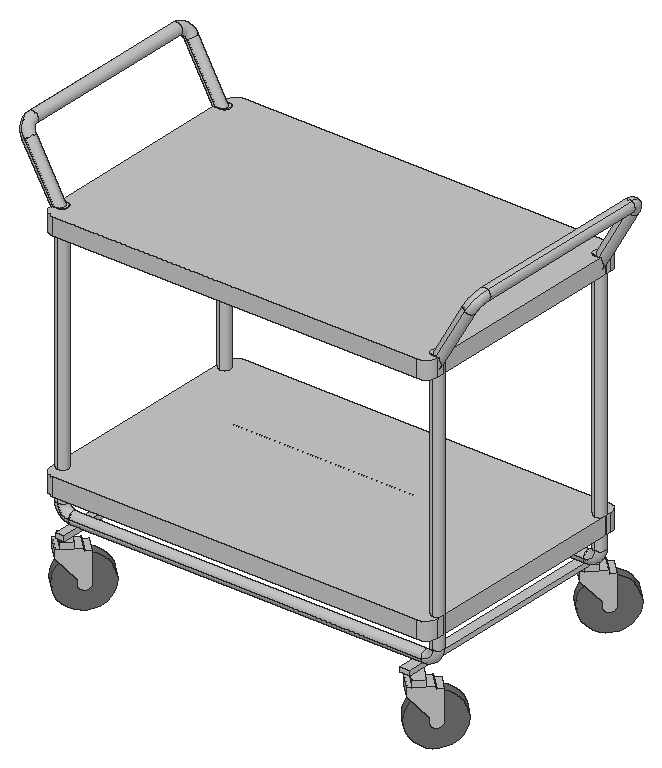
Revit family "QF_Vollrath_97161", category Specialty Equipment, Revit 2016
Family settings
  Part Type = Normal
  Round Connector Dimension = Use Diameter
  OmniClass Number = 23.40.40.14.17
  OmniClass Title = Food Cooking Equipment
  Work Plane-Based = No
  Always vertical = Yes
  Cut with Voids When Loaded = No
  Shared = No
  Room Calculation Point = No
Parameters (values of type "97161")
  Width [instance] = 21.00"
  Weight in Pounds = 47
  Watermarked By = "http://revitwatermark.com"
  URL Cutsheet = ""
  URL = ""
  Status [instance] = ""
  Specification by User [instance] = ""
  Specification by Manufacturer [instance] = ""
  Serial Number [instance] = ""
  Seismic Rating [instance] = ""
  Revision Code [instance] = ""
  NAFEM Spec ID Number [instance] = ""
  Model = "97161"
  Masterspec = ""
  Manufacturer = "Vollrath"
  Item Number [instance] = "-"
  Installed By [instance] = ""
  Identify Quantity as Lot [instance] = no
  Furnished By [instance] = ""
  Foodservice Equipment Identifier [instance] = yes
  Description = "Cart, Utility"
  Depth [instance] = 40.50"
  CSI MasterFormat = "11 48 13"
  Assembly Code = "E1090320"
Reference planes (in)
  plane 1: z = 0
  plane 2 "LEFT": x = 0
  plane 3 "RIGHT": x = 40.5
  plane 4 "FRONT": y = -24.62
  plane 5 "BACK": y = -3.62
  plane 6 "TOP": z = 36.5
  plane 7: x = 3.8
  plane 8: x = 36.7
  plane 9: z = 5.6
  plane 10: z = 6
  plane 11: z = 8.7
  plane 12: z = 10.2
  plane 13: z = 29.2
  plane 14: z = 30.7
  plane 15: y = -14.12
  plane 16: y = -23.02
  plane 17: y = -5.22
  plane 18: x = 20.25
Forms (in)
  Sweep 1, solid, material "QF_Finishes_Stainless Steel"
    path origin (16.16378, -0.04782, 1.26776) x (0, 1, 0) y (0.493545, 0, -0.86972)
      loop
        line (-22.97218, -30.7) -> (-22.97218, -36.95172)
        arc (-22.97218, -36.95172) -> (-22.67928, -37.65883) -> (-21.97218, -37.95172) r 1
        line (-21.97218, -37.95172) -> (-6.17218, -37.95172)
        arc (-6.17218, -37.95172) -> (-5.46507, -37.65883) -> (-5.17218, -36.95172) r 1
        line (-5.17218, -36.95172) -> (-5.17218, -30.7)
    profile origin (-0.53081, -23.02, 30.6868) x (0, 1, 0) y (-0.86972, 0, -0.493545)
      loop
        circle (0, -3.5) r 0.5
  Extrusion 2, solid, material "QF_Finishes_Stainless Steel"
    sketch origin (1.26549, 0, 16.75) x (-1, 0, 0) y (0, -1, 0)
      loop
        line (-3.40691, 3.85981) -> (-3.40691, 24.75491) -> (-4.1621, 24.75491) -> (-4.1621, 3.85981) -> (-3.40691, 3.85981)
      loop
        line (-33.51979, 3.85981) -> (-33.51979, 24.62) -> (-34.36107, 24.62) -> (-34.36107, 3.85981) -> (-33.51979, 3.85981)
    from -11.15 to -10.75
  Sweep 3, solid, material "QF_Finishes_Stainless Steel"
    path origin (0.07416, -4.72, 0) x (1, 0, 0) y (0, 0, -1)
      loop
        line (3.8, -30.7) -> (3.8, -7.51983)
        arc (3.8, -7.51983) -> (4.09289, -6.81273) -> (4.8, -6.51983) r 1
        line (4.8, -6.51983) -> (35.7, -6.51983)
        arc (35.7, -6.51983) -> (36.40711, -6.81273) -> (36.7, -7.51983) r 1
        line (36.7, -7.51983) -> (36.7, -30.7)
    profile origin (3.87416, -4.72, 19.10992) x (0, 1, 0) y (-1, 0, 0)
      loop
        circle (-0.5, 0) r 0.5
  Extrusion 4, solid, material "QF_Finishes_Stainless Steel"
    sketch origin (0, 0, 16.75) x (-1, 0, 0) y (0, -1, 0)
      loop
        arc (-4.35971, 3.62) -> (-3.6526, 3.91289) -> (-3.35971, 4.62) r 1
        line (-3.35971, 4.62) -> (-3.35971, 23.62)
        arc (-3.35971, 23.62) -> (-3.6526, 24.32711) -> (-4.35971, 24.62) r 1
        line (-4.35971, 24.62) -> (-36.2901, 24.62)
        arc (-36.2901, 24.62) -> (-36.99721, 24.32711) -> (-37.2901, 23.62) r 1
        line (-37.2901, 23.62) -> (-37.2901, 4.62)
        arc (-37.2901, 4.62) -> (-36.99721, 3.91289) -> (-36.2901, 3.62) r 1
        line (-36.2901, 3.62) -> (-4.35971, 3.62)
    from -8.05 to -6.55
  Extrusion 5, solid, material "QF_Finishes_Stainless Steel"
    sketch origin (0, 0, 37.25) x (-1, 0, 0) y (0, -1, 0)
      loop
        arc (-4.35971, 3.62) -> (-3.6526, 3.91289) -> (-3.35971, 4.62) r 1
        line (-3.35971, 4.62) -> (-3.35971, 23.62)
        arc (-3.35971, 23.62) -> (-3.6526, 24.32711) -> (-4.35971, 24.62) r 1
        line (-4.35971, 24.62) -> (-36.2901, 24.62)
        arc (-36.2901, 24.62) -> (-36.99721, 24.32711) -> (-37.2901, 23.62) r 1
        line (-37.2901, 23.62) -> (-37.2901, 4.62)
        arc (-37.2901, 4.62) -> (-36.99721, 3.91289) -> (-36.2901, 3.62) r 1
        line (-36.2901, 3.62) -> (-4.35971, 3.62)
    from -8.05 to -6.55
  Sweep 6, solid, material "QF_Finishes_Stainless Steel"
    path origin (0.07416, -23.52, 0) x (1, 0, 0) y (0, 0, 1)
      loop
        line (3.8, 30.7) -> (3.8, 7.51983)
        arc (3.8, 7.51983) -> (4.09289, 6.81273) -> (4.8, 6.51983) r 1
        line (4.8, 6.51983) -> (35.7, 6.51983)
        arc (35.7, 6.51983) -> (36.40711, 6.81273) -> (36.7, 7.51983) r 1
        line (36.7, 7.51983) -> (36.7, 30.7)
    profile origin (3.87416, -23.52, 19.10992) x (0, -1, 0) y (1, 0, 0)
      loop
        circle (-0.5, 0) r 0.5
  Sweep 7, solid, material "QF_Finishes_Stainless Steel"
    path origin (24.44593, -0.04782, 1.26776) x (0, 1, 0) y (0.493545, 0, 0.86972)
      loop
        line (-22.97218, 30.7) -> (-22.97218, 36.95172)
        arc (-22.97218, 36.95172) -> (-22.67928, 37.65883) -> (-21.97218, 37.95172) r 1
        line (-21.97218, 37.95172) -> (-6.17218, 37.95172)
        arc (-6.17218, 37.95172) -> (-5.46507, 37.65883) -> (-5.17218, 36.95172) r 1
        line (-5.17218, 36.95172) -> (-5.17218, 30.7)
    profile origin (41.14052, -23.02, 30.6868) x (0, -1, 0) y (0.86972, 0, -0.493545)
      loop
        circle (0, -3.5) r 0.5
Lines and regions (in)
  symbolic lines
    curve 1: line (36.7, -4.62, 16.75) -> (3.8, -4.62, 16.75)
    curve 2: line (37.2901, -22.53132, 16.75) -> (37.2901, -4.62, 16.75)
    curve 3: line (3.35971, -5.62, 16.75) -> (3.35971, -22.53132, 16.75)
    curve 4: arc (3.8, -5.62, 16.75) -> (4.3, -5.12, 16.75) -> (3.8, -4.62, 16.75) r 0.5
    curve 5: line (36.7, -4.62, 16.75) -> (37.2901, -4.62, 16.75)
    curve 6: line (39.09504, -23.68548, 16.75) -> (1.40496, -23.68548, 16.75)
    curve 7: arc (1.40496, -23.68548, 16.75) -> (0.34319, -23.20633, 16.75) -> (0, -22.09315, 16.75) r 1.41598
    curve 8: line (0, -22.09315, 16.75) -> (0, -6.22, 16.75)
    curve 9: arc (0, -6.22, 16.75) -> (0.24752, -5.29624, 16.75) -> (0.92376, -4.62, 16.75) r 1.84752
    curve 10: line (0.92376, -4.62, 16.75) -> (3.8, -4.62, 16.75)
    curve 11: line (3.8, -5.62, 16.75) -> (3.35971, -5.62, 16.75)
    curve 12: line (3.35971, -5.62, 16.75) -> (1.10971, -5.62, 16.75)
    curve 13: line (1.10971, -5.62, 16.75) -> (1.10971, -22.53132, 16.75)
    curve 14: line (1.10971, -22.53132, 16.75) -> (3.87613, -22.53132, 16.75)
    curve 15: arc (3.87613, -23.68548, 16.75) -> (4.45321, -23.1084, 16.75) -> (3.87613, -22.53132, 16.75) r 0.57708
    curve 16: line (37.14029, -5.62, 16.75) -> (37.14029, -22.53132, 16.75)
    curve 17: arc (36.7, -5.62, 16.75) -> (36.2, -5.12, 16.75) -> (36.7, -4.62, 16.75) r 0.5
    curve 18: arc (39.09504, -23.68548, 16.75) -> (40.15681, -23.20633, 16.75) -> (40.5, -22.09315, 16.75) r 1.41598
    curve 19: line (40.5, -22.09315, 16.75) -> (40.5, -6.22, 16.75)
    curve 20: arc (40.5, -6.22, 16.75) -> (40.25248, -5.29624, 16.75) -> (39.57624, -4.62, 16.75) r 1.84752
    curve 21: line (39.57624, -4.62, 16.75) -> (36.7, -4.62, 16.75)
    curve 22: line (36.7, -5.62, 16.75) -> (37.14029, -5.62, 16.75)
    curve 23: line (37.14029, -5.62, 16.75) -> (39.39029, -5.62, 16.75)
    curve 24: line (39.39029, -5.62, 16.75) -> (39.39029, -22.53132, 16.75)
    curve 25: line (39.39029, -22.53132, 16.75) -> (36.62387, -22.53132, 16.75)
    curve 26: arc (36.62387, -23.68548, 16.75) -> (36.04679, -23.1084, 16.75) -> (36.62387, -22.53132, 16.75) r 0.57708
    curve 27: arc (4.35971, -3.62, 16.75) -> (3.6526, -3.91289, 16.75) -> (3.35971, -4.62, 16.75) r 1
    curve 28: line (36.2901, -3.62, 16.75) -> (4.35971, -3.62, 16.75)
    curve 29: arc (37.2901, -4.62, 16.75) -> (36.99721, -3.91289, 16.75) -> (36.2901, -3.62, 16.75) r 1
    curve 30: arc (36.2901, -24.62, 16.75) -> (36.99721, -24.32711, 16.75) -> (37.2901, -23.62, 16.75) r 1
    curve 31: line (4.35971, -24.62, 16.75) -> (36.2901, -24.62, 16.75)
    curve 32: arc (3.35971, -23.62, 16.75) -> (3.6526, -24.32711, 16.75) -> (4.35971, -24.62, 16.75) r 1
Dimensions and locks (in)
  "Depth": plane 2 "LEFT" to plane 3 "RIGHT"
  plane 3 "RIGHT" to plane 2 "LEFT" = 40.50"
  "Width": plane 5 "BACK" to plane 4 "FRONT"
  locked: plane 8 to plane 3 "RIGHT" at 3.8
  plane 4 "FRONT" to plane 15 = 10.50"
  equal spacing: plane 4 "FRONT", plane 15, plane 5 "BACK"
  plane 9 to level = 5.60"
  plane 10 to plane 9 = 0.40"
  plane 11 to plane 10 = 2.70"
  plane 12 to plane 11 = 1.50"
  plane 13 to plane 12 = 19.00"
  plane 14 to plane 13 = 1.50"
  plane 6 "TOP" to plane 14 = 5.80"
  locked: plane 2 "LEFT" to plane 7 at 3.8
  plane 5 "BACK" to plane 17 = 1.60"
  locked: plane 4 "FRONT" to plane 16 at 1.6
  equal spacing: plane 2 "LEFT", plane 18, plane 3 "RIGHT"
  plane 6 "TOP" to level = 36.50"
  aligned and locked: level to plane 1
Automatic sketch dimensions
  Sweep 1 sketch curve to plane 16 = 0.00"
  plane 17 to Sweep 1 sketch curve = 0.00"
  Sweep 1 sketch curve to plane 16 = 1.00"
  Sweep 1 sketch curve to plane 17 = 1.00"
  Sweep 1 sketch curve to Sweep 1 sketch curve = 6.25172"  (x2)
  profile plane to Sweep 1 sketch curve = 0.00"
  Sweep 1 sketch curve to profile plane = 3.50"
  Extrusion 2 sketch curve to plane 8 = 1.07343"
  Extrusion 2 sketch curve to Extrusion 2 sketch curve = 0.84128"
  plane 17 to Extrusion 2 sketch curve = 1.36019"  (x2)
  plane 7 to Extrusion 2 sketch curve = 1.6276"
  Extrusion 2 sketch curve to Extrusion 2 sketch curve = 0.7552"
  plane 16 to Extrusion 2 sketch curve = 1.73491"
  plane 16 to Extrusion 2 sketch curve = 1.60"
  Sweep 3 sketch curve to plane 14 = 0.00"  (x2)
  plane 7 to Sweep 3 sketch curve = 0.07416"
  plane 10 to Sweep 3 sketch curve = 0.51983"
  plane 7 to Sweep 3 sketch curve = 1.07416"
  Sweep 3 sketch curve to plane 8 = 0.92584"
  plane 8 to Sweep 3 sketch curve = 0.07416"
  Sweep 3 sketch curve to profile plane = 0.00"
  Sweep 3 sketch curve to profile plane = 0.50"
  Extrusion 4 sketch curve to plane 5 "BACK" = 0.00"
  plane 4 "FRONT" to Extrusion 4 sketch curve = 0.00"
  plane 8 to Extrusion 4 sketch curve = 0.5901"
  Extrusion 4 sketch curve to plane 8 = 0.4099"  (x2)
  plane 7 to Extrusion 4 sketch curve = 0.55971"  (x2)
  Extrusion 4 sketch curve to plane 7 = 0.44029"
  Extrusion 5 sketch curve to plane 5 "BACK" = 0.00"
  plane 4 "FRONT" to Extrusion 5 sketch curve = 0.00"
  plane 8 to Extrusion 5 sketch curve = 0.5901"
  Extrusion 5 sketch curve to plane 8 = 0.4099"  (x2)
  plane 7 to Extrusion 5 sketch curve = 0.55971"  (x2)
  Extrusion 5 sketch curve to plane 7 = 0.44029"
  Sweep 6 sketch curve to plane 14 = 0.00"  (x2)
  plane 7 to Sweep 6 sketch curve = 0.07416"
  plane 10 to Sweep 6 sketch curve = 0.51983"
  plane 7 to Sweep 6 sketch curve = 1.07416"
  Sweep 6 sketch curve to plane 8 = 0.92584"
  plane 8 to Sweep 6 sketch curve = 0.07416"
  Sweep 6 sketch curve to profile plane = 0.00"
  Sweep 6 sketch curve to profile plane = 0.50"
  Sweep 7 sketch curve to plane 16 = 0.00"
  plane 17 to Sweep 7 sketch curve = 0.00"
  Sweep 7 sketch curve to plane 16 = 1.00"
  Sweep 7 sketch curve to plane 17 = 1.00"
  Sweep 7 sketch curve to Sweep 7 sketch curve = 0.00"
  Sweep 7 sketch curve to Sweep 7 sketch curve = 6.25172"
  Sweep 7 sketch curve to profile plane = 0.00"
  Sweep 7 sketch curve to profile plane = 3.50"
  curve 19 to plane 3 "RIGHT" = 0.00"
  curve 5 to plane 8 = 0.00"
  curve 28 to plane 5 "BACK" = 0.00"
  plane 4 "FRONT" to curve 31 = 0.00"
  curve 4 to plane 7 = 0.00"
  curve 9 to plane 2 "LEFT" = 0.00"
  curve 20 to plane 3 "RIGHT" = 0.92376"
  curve 24 to plane 17 = 0.40"
  curve 20 to curve 24 = 0.18594"
  curve 24 to curve 18 = 0.29525"
  curve 23 to curve 20 = 0.73782"
  plane 8 to curve 2 = 0.5901"
  plane 8 to curve 30 = 0.5901"
  curve 2 to curve 16 = 0.14981"
  curve 26 to plane 8 = 0.07613"
  curve 28 to plane 8 = 0.4099"
  curve 31 to plane 8 = 0.4099"
  plane 7 to curve 31 = 0.55971"
  plane 7 to curve 28 = 0.55971"
  plane 7 to curve 15 = 0.07613"
  curve 14 to curve 15 = 0.00"
  curve 32 to plane 7 = 0.44029"
  curve 3 to plane 7 = 0.44029"
  curve 9 to plane 17 = 1.00"
  curve 3 to curve 9 = 1.51218"
  plane 16 to curve 6 = 0.66548"
  plane 2 "LEFT" to curve 6 = 1.40496"
  curve 7 to curve 14 = 0.29525"
  plane 17 to curve 4 = 0.10"
  curve 7 to plane 16 = 0.92685"
  curve 18 to plane 16 = 0.7505"
  curve 7 to curve 14 = 0.26182"
  curve 16 to plane 16 = 0.48868"
  radius of Sweep 1 sketch curve = 0.50"
  radius of Sweep 3 sketch curve = 0.50"
  radius of Sweep 6 sketch curve = 0.50"
  radius of Sweep 7 sketch curve = 0.50"
Nested families (in)
  nested 1: "FESCaster" at (5.05, -4.12, 0), type "FESCaster"
    with Height 5.60", Caster Radius 2.30"
  nested 2: "FESCaster" at (5.05, -24.145, 0), type "FESCaster"
    with Height 5.60", Caster Radius 2.30"
  nested 3: "FESCaster" at (35.95, -24.145, 0), type "FESCaster"
    with Height 5.60", Caster Radius 2.30"
  nested 4: "FESCaster" at (35.075, -4.12, 0), type "FESCaster"
    with Height 5.60", Caster Radius 2.30"
Definition of nested family "FESCaster"
  Parameters
    Watermarked By = "http://revitwatermark.com"
    Type Comments = "⍁⍉⌁⌀⏭⎽⌇⍠⌜⍉⎖⌥⌦⌯⍭⏊⍻⍿⍊⏵⍊⏗⏠⍴⎡⌈⎀⍠⌓⌤⏘⎐⍀⌐⏬⏁⎈⏍⏦⎒⏬⌝⍩⍇⌣〈⎫〉⎁⏊⍥⍖⍥⍝⍦⌖⍀⏌⏭⎝⎼⏷⏞⍻⏯⎽⏷⏞⍻⏯⎽⏷⎺⌻⎝⍎⌧⏷⏟⏿⌿⍜⍦⍤⌁⍬⏶⏎⍊⏚⏉⎞⌡⎀⎪⏈⌟⌿⍾⍼⌟⌿⌢⌞⏞⏝⌻⎸⎻⎷⎳⎻⎛⌞⌼⏚⍿⏸⍨⏷⍡⍺⏼⏅⎏⌽⌻⍽⎝⍮⎧⍏⏳⏲⎼⏈⏋⏙⎏⏽⏘⍹⏞⌜⏼⍴⏶⏮⏿⌁"
    Height [instance] = 6.00"
    Caster Radius [instance] = if(Height < 3.00", 1.00", (Height / 2) - 0.50")  # 2.50"
    Assembly Code = ""
  Reference planes (in)
    plane 1 "Center (Front/Back)": y = 0
    plane 2: z = 0
    plane 3 "Center (Left/Right)": x = 0
    plane 4: z = 6
    plane 5: z = 5.5
  Forms (in)
    Extrusion 1, solid
      sketch origin (-24.12131, -22.88887, 10.18833) x (0.707107, 0.707107, 0) y (0, 0, 1)
        loop
          line (34.98772, -7.68833) -> (34.98772, -4.93833) -> (34.48772, -4.93833) -> (34.39402, -4.68833) -> (32.39402, -4.68833) -> (32.39402, -5.43833) -> (33.98772, -7.34206) -> (33.98772, -7.68833)
          arc (33.98772, -7.68833) -> (34.48772, -8.18833) -> (34.98772, -7.68833) r 0.5
      from 0 to 1.75
    Extrusion 2, solid
      sketch origin (-24.32327, -23.09083, 13.31461) x (0.707107, 0.707107, 0) y (0, 0, 1)
        loop
          circle (34.77334, -10.81461) r 2.5
      from 0.375 to 1.375
    Extrusion 3, solid
      sketch origin (-7.24148, -8.48391, 0) x (0.707107, 0.707107, 0) y (0, 0, 1)
        loop
          line (10.61603, 5.5) -> (11.61603, 5.5) -> (11.61603, 6) -> (10.61603, 6) -> (10.61603, 5.5)
      from 0 to -1.75
  Lines and regions (in)
    symbolic lines
      curve 1: line (-1.26158, -0.51911, 0) -> (1.39007, 2.13254, 0)
      curve 2: line (-0.53429, -1.24639, 0) -> (2.11736, 1.40526, 0)
      curve 3: line (-1.26158, -0.51911, 0) -> (1.39007, 2.13254, 0)
      curve 4: line (-0.53429, -1.24639, 0) -> (2.11736, 1.40526, 0)
  Dimensions and locks (in)
    locked: plane 4 to plane 5 at 0.5
    "Height": plane 4 to level
    "Caster Radius": Extrusion 2 sketch curve to level
    "Caster Radius": Extrusion 1 sketch curve to level
    "Caster Radius": radius of Extrusion 2 sketch curve
    aligned and locked: plane 2 to level
    aligned and locked: Extrusion 3 to plane 5
    aligned and locked: plane 4 to Extrusion 3
    aligned and locked: plane 5 to Extrusion 1
  Automatic sketch dimensions
    plane 1 "Center (Front/Back)" to curve 3 = 0.51911"
    curve 3 to plane 3 "Center (Left/Right)" = 1.26158"
    plane 1 "Center (Front/Back)" to curve 1 = 0.51911"
    curve 1 to curve 3 = 0.00"  (x3)
    curve 4 to plane 3 "Center (Left/Right)" = 0.53429"
    curve 2 to curve 4 = 0.00"  (x2)
    plane 3 "Center (Left/Right)" to curve 3 = 1.39007"
    curve 1 to curve 4 = 0.72729"
    curve 2 to curve 1 = 0.72729"
    curve 4 to curve 2 = 0.00"  (x2)
    curve 2 to plane 1 "Center (Front/Back)" = 1.40526"
    curve 2 to curve 3 = 0.72729"
    plane 5 to Extrusion 1 sketch curve = 0.00"
    Extrusion 1 sketch curve to Extrusion 1 sketch curve = 1.5937"
    Extrusion 1 sketch curve to Extrusion 1 sketch curve = 2.00"
    Extrusion 1 sketch curve to Extrusion 1 sketch curve = 0.0937"
    Extrusion 1 sketch curve to Extrusion 1 sketch curve = 0.50"
    Extrusion 1 sketch curve to Extrusion 1 sketch curve = 0.34627"
    Extrusion 1 sketch curve to plane 5 = 0.75"
    Extrusion 1 sketch curve to plane 5 = 0.25"
    Extrusion 3 sketch curve to plane 5 = 0.00"
    plane 4 to Extrusion 3 sketch curve = 0.00"
    Extrusion 3 sketch curve to Extrusion 3 sketch curve = 1.00"
